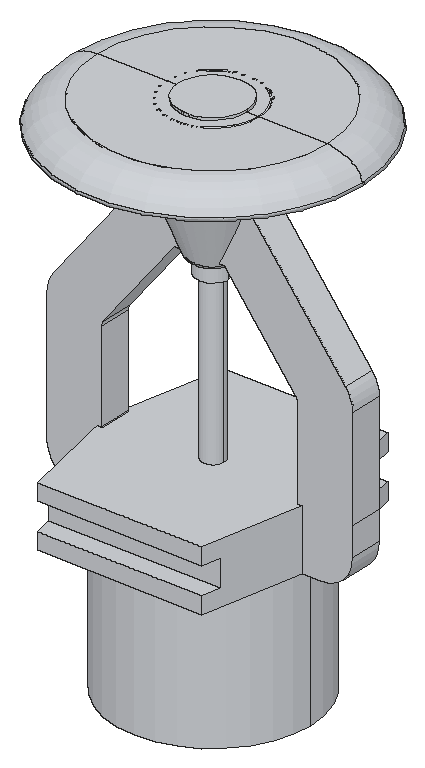
Revit family
Parameters (values of type "RASCO J112 UPRIGHT")
  Temperature Rating = 155 °F
  Response = 1
  RASCO SIN # = "RA7326"
  RASCO Part # = "J112U1C"
  Pressure Rating = "175 PSI"
  Pressure Class = (empty or 0)
  Orifice Size = 3/4"
  Orifice = (empty or 0)
  Model = "J112"
  Manufacturer = "RASCO"
  K-Factor = 11.2
  Description = "CHROME FINISH"
  Coverage = (empty or 0)
Reference planes (in)
  plane 1 "Center (Front/Back)": y = 0
  plane 2: z = 0
  plane 3 "Center (Left/Right)": x = 0
Nested families (in)
  nested 1: "J112U1C" at (0, 0, 0), type "RASCO J112 UPRIGHT"
Connectors (in)
  piping at (0, 0, 0)
    settings: on nested 1, index 1, connector radius 1/2", flow factor 0, pipe flow 0 GPM, pressure drop 0.00 psi, fitting loss kfactor 0, connector angle 0.00°, fixture units 0, flow configuration 0, flow direction 0, fitting loss method 0, system type 7, connector reference index -1, connector utility 0, adjustable connector no, is connector primary yes, fitting loss table "", connector description ""
Definition of nested family "J112U1C"
  Parameters (values of type "RASCO J112 UPRIGHT")
    Type Comments = ""
    Temperature Rating = 0 °F
    Response = (empty or 0)
    Pressure Rating = "0"
    Pressure Class = (empty or 0)
    Orifice Size = 0"
    Orifice = (empty or 0)
    Model = ""
    Manufacturer = ""
    K-Factor = 0
    Description = ""
    Coverage = (empty or 0)
    Assembly Code = ""
  Reference planes (in)
    plane 1 "Center (Front/Back)": y = 0
    plane 2: z = 0
    plane 3 "REF.1": z = 0.773
    plane 4 "top": z = 2.8125
    plane 5: x = -0.81624
    plane 6: x = 0.81332
    plane 7 "ref.2": z = 2.098
    plane 8 "head": z = 2.6725
    plane 9 "left/right center": x = 0
    plane 10 "screw": z = 1.98251
    plane 11 "bulb": z = 1.098
  Forms (in)
    Extrusion 1, solid
      sketch origin (0, 0, 0) x (1, 0, 0) y (0, 1, 0)
        loop
          circle (0, 0) r 0.5221
      from 0 to 0.773
    Extrusion 2, solid
      sketch origin (0, 0, 0.773) x (-1, 0, 0) y (0, -1, 0)
        loop
          line (-0.43619, -0.62052) -> (0.4375, -0.62052) -> (0.56391, 0) -> (0.4375, 0.62052) -> (-0.43619, 0.62052) -> (-0.56259, 0) -> (-0.43619, -0.62052)
      from 0 to 0.325
    Extrusion 3, void
      sketch origin (0, 0, 0) x (1, 0, 0) y (0, 0, 1)
        loop
          line (-0.56391, 1.00774) -> (-0.56391, 0.86298) -> (0.56259, 0.86298) -> (0.56259, 1.00774) -> (-0.56391, 1.00774)
      from 0.52148 to 0.62052
    Extrusion 4, solid
      sketch origin (0, 0, 0) x (1, 0, 0) y (0, 0, 1)
        loop
          line (-0.5221, 0.773) -> (-0.5221, 1.098) -> (-0.5221, 1.58091)
          arc (-0.5221, 1.58091) -> (-0.5194, 1.59708) -> (-0.51161, 1.61149) r 0.04979
          line (-0.51161, 1.61149) -> (-0.13316, 2.098) -> (-0.00066, 2.098) -> (0.13184, 2.098) -> (0.5115, 1.61158)
          arc (0.5115, 1.61158) -> (0.51938, 1.59706) -> (0.5221, 1.58077) r 0.05007
          line (0.5221, 1.58077) -> (0.5221, 1.098) -> (0.5221, 0.773) -> (0.64763, 0.773)
          arc (0.64763, 0.773) -> (0.76676, 0.82234) -> (0.8161, 0.94147) r 0.16847
          line (0.8161, 0.94147) -> (0.8161, 1.098) -> (0.8161, 1.63725)
          arc (0.8161, 1.63725) -> (0.80631, 1.69579) -> (0.77801, 1.74796) r 0.17993
          line (0.77801, 1.74796) -> (0.18552, 2.50706) -> (-0.18743, 2.50706) -> (-0.77818, 1.74764)
          arc (-0.77818, 1.74764) -> (-0.80636, 1.69554) -> (-0.8161, 1.63712) r 0.18
          line (-0.8161, 1.63712) -> (-0.8161, 1.098) -> (-0.8161, 0.94094)
          arc (-0.8161, 0.94094) -> (-0.76691, 0.82219) -> (-0.64816, 0.773) r 0.16794
          line (-0.64816, 0.773) -> (-0.5221, 0.773)
      from -0.08649 to 0.08732
    Extrusion 5, void
      sketch origin (0.00728, 1.142, 0) x (1, 0, 0) y (0, 0, 1)
        loop
          line (-0.56391, 1.00774) -> (-0.56391, 0.86298) -> (0.56259, 0.86298) -> (0.56259, 1.00774) -> (-0.56391, 1.00774)
      from 0.52148 to 0.62052
    Revolve 6, solid
      sketch origin (0, 0, 0) x (1, 0, 0) y (0, 0, 1)
        loop
          line (-0.00066, 2.8125) -> (-0.24139, 2.8125)
          arc (-0.24139, 2.8125) -> (-0.25522, 2.80677) -> (-0.26095, 2.79293) r 0.01957
          line (-0.26095, 2.79293) -> (-0.26095, 2.42899)
          arc (-0.26095, 2.42899) -> (-0.25939, 2.41285) -> (-0.25476, 2.3973) r 0.08419
          line (-0.25476, 2.3973) -> (-0.12582, 2.07995)
          arc (-0.12582, 2.07995) -> (-0.11591, 2.06775) -> (-0.10088, 2.06316) r 0.02692
          line (-0.10088, 2.06316) -> (-0.00066, 2.06316) -> (-0.00066, 2.8125)
        axis (-0.00066, 2.8125) -> (-0.00066, 2.06316)
      angle from 0 to 360
    Revolve 7, solid
      sketch origin (0, 0, 0) x (1, 0, 0) y (0, 0, 1)
        loop
          line (-0.00095, 2.8125) -> (-0.61569, 2.8125)
          arc (-0.61569, 2.8125) -> (-0.72648, 2.78068) -> (-0.8035, 2.69491) r 0.20878
          arc (-0.8035, 2.69491) -> (-0.8027, 2.68003) -> (-0.78967, 2.67281) r 0.01538
          line (-0.78967, 2.67281) -> (-0.00095, 2.67281) -> (-0.00095, 2.8125)
        axis (-0.00095, 2.8125) -> (-0.00095, 2.67281)
      angle from 0 to 360
    Extrusion 8, solid
      sketch origin (0, 0, 2.8125) x (-1, 0, 0) y (0, -1, 0)
        loop
          circle (0.00095, 0) r 0.18173
      from 0 to 0.01153
    Extrusion 9, solid
      sketch origin (0, 0, 1.98251) x (-1, 0, 0) y (0, -1, 0)
        loop
          circle (0, 0) r 0.087
      from 0 to 0.0806
    Extrusion 10, solid
      sketch origin (0, 0, 1.098) x (-1, 0, 0) y (0, -1, 0)
        loop
          circle (0, 0) r 0.05954
      from 0 to 0.88451
  Cuts and joins
    Extrusion 3, Extrusion 5 cuts Extrusion 2
  Dimensions and locks (in)
    plane 4 "top" to level = 0' - 2 13/16"
